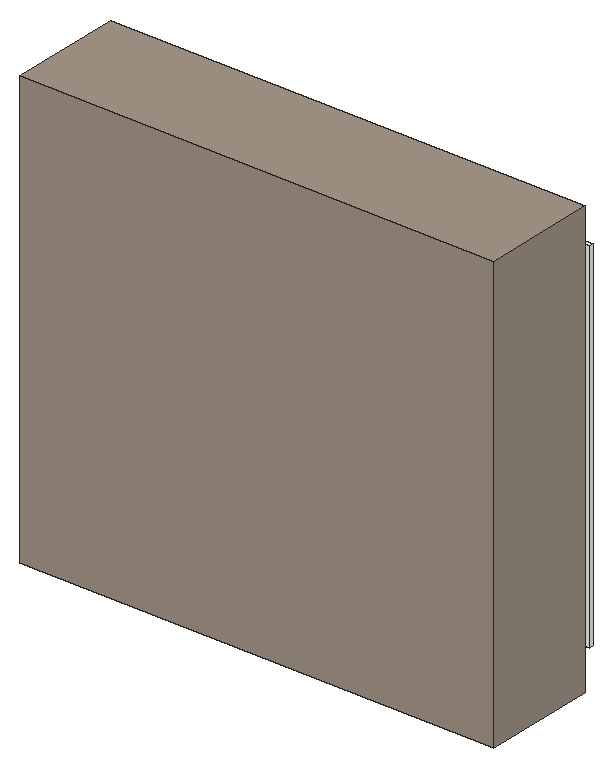
Revit family "Guarda roupas básico 1", category Generic Models, host Floor, Revit 2016
Family settings
  Host = Floor
  Part Type = Normal
  Can host rebar = No
  Round Connector Dimension = Use Diameter
  Work Plane-Based = No
  Always vertical = Yes
  Cut with Voids When Loaded = No
  Shared = No
  Room Calculation Point = No
Parameters (values of type "250 x 65x 230")
  URL = "http://maisrevit.blogspot.com.br"
  Roupas [instance] = Comprimento / 62.50 cm  # 4
  Profundidade [instance] = 65.00 cm
  Portas = MDF - Branco padrão
  Máscara 2D = yes
  Comprimento [instance] = 250.00 cm
  Armário = MDF - Madeirado 2
  Altura total = 230.00 cm
  Altura do topo = 20.00 cm
  Altura da base = 20.00 cm
Reference planes (cm)
  plane 1 "Centro (Frente/Trás)": y = 0
  plane 2: z = 0
  plane 3 "Centro (Esquerda/Direita)": x = 0
  plane 4: x = -125
  plane 5: x = 125
  plane 6: y = 32.5
  plane 7: y = -32.5
  plane 8: x = -41.6667
  plane 9: x = -36.6667
  plane 10: x = -46.6667
  plane 11: x = 41.6667
  plane 12: x = 46.6667
  plane 13: x = 36.6667
  plane 14: y = 27.5
  plane 15: z = 20
  plane 16: z = 210
  plane 17: z = 230
  plane 18: z = 120
Forms (cm)
  Extrusion 1, solid, material "MDF - Madeirado 2" <- "Armário"
    sketch origin (2352.6692, 918.5619, 5.2046) x (1, 0, 0) y (0, 1, 0)
      loop
        line (-2477.6692, -951.0619) -> (-2227.6692, -951.0619) -> (-2227.6692, -891.0619) -> (-2477.6692, -891.0619) -> (-2477.6692, -951.0619)
    from -5.2046 to 19.7954
  Extrusion 2, solid, material "MDF - Madeirado 2" <- "Armário"
    sketch origin (2384.5698, 911.4804, 5) x (1, 0, 0) y (0, 1, 0)
      loop
        line (-2509.5698, -883.9804) -> (-2509.5698, -943.9804) -> (-2259.5698, -943.9804) -> (-2259.5698, -883.9804) -> (-2261.5698, -883.9804) -> (-2261.5698, -941.9804) -> (-2507.5698, -941.9804) -> (-2507.5698, -883.9804) -> (-2509.5698, -883.9804)
    from 20 to 200
  Extrusion 3, solid, material "MDF - Branco padrão" <- "Portas"
    sketch origin (-743.4473, 2477.5876, 5) x (0, 1, 0) y (-1, 0, 0)
      loop
        line (-2447.0876, -618.4473) -> (-2447.0876, -706.7807) -> (-2445.0876, -706.7807) -> (-2445.0876, -618.4473) -> (-2447.0876, -618.4473)
    from 15 to 205
  Extrusion 4, solid, material "MDF - Branco padrão" <- "Portas"
    sketch origin (-674.5957, 2510.6692, 5) x (0, 1, 0) y (-1, 0, 0)
      loop
        line (-2483.1692, -627.9291) -> (-2483.1692, -721.2624) -> (-2481.1692, -721.2624) -> (-2481.1692, -627.9291) -> (-2483.1692, -627.9291)
    from 15 to 205
  Extrusion 5, solid, material "MDF - Branco padrão" <- "Portas"
    sketch origin (743.4473, 2477.5876, 5) x (0, 1, 0) y (-1, 0, 0)
      loop
        line (-2447.0876, 618.4473) -> (-2445.0876, 618.4473) -> (-2445.0876, 706.7807) -> (-2447.0876, 706.7807) -> (-2447.0876, 618.4473)
    from 15 to 205
  Extrusion 6, solid, material "MDF - Madeirado 2" <- "Armário"
    sketch origin (2352.6692, 918.5619, 290.1131) x (1, 0, 0) y (0, 1, 0)
      loop
        line (-2477.6692, -951.0619) -> (-2227.6692, -951.0619) -> (-2227.6692, -891.0619) -> (-2477.6692, -891.0619) -> (-2477.6692, -951.0619)
    from -85.1131 to -60.1131
Cuts and joins
  joined: Extrusion 1, Extrusion 2, Extrusion 6
Lines and regions (cm)
  Masking region 1, visible <- "Máscara 2D"
    outline origin (0, 0, 0) x (1, 0, 0) y (0, 1, 0)
      loop
        line (-125, 27.5) -> (-125, -32.5) -> (125, -32.5) -> (125, 27.5) -> (-125, 27.5)
  symbolic lines, style "GenericModel"
    curve 1: line (-125, -32.5, 0) -> (125, 27.5, 0)
Dimensions and locks (cm)
  equal spacing: plane 4, plane 3 "Centro (Esquerda/Direita)", plane 5
  "Comprimento": plane 4 to plane 5
  equal spacing: plane 7, plane 1 "Centro (Frente/Trás)", plane 6
  "Profundidade": plane 7 to plane 6
  locked: plane 4 to Extrusion 2 sketch curve at 2
  locked: Extrusion 2 sketch curve to plane 7 at 2
  locked: Extrusion 2 sketch curve to plane 5 at 2
  plane 10 to plane 8 to plane 9 = 5.00 cm locked, 5.00 cm locked
  plane 13 to plane 11 to plane 12 = 5.00 cm locked, 5.00 cm locked
  equal spacing: plane 4, plane 8, plane 11, plane 5
  locked: plane 14 to plane 6 at 5
  locked: Extrusion 3 sketch curve to plane 6 at 2
  locked: Extrusion 5 sketch curve to plane 6 at 2
  locked: Extrusion 4 sketch curve to plane 14 at 2
  "Altura da base": plane 15 to plane 2
  "Altura do topo": plane 17 to plane 16
  "Altura total": plane 17 to plane 2
  locked: Extrusion 1 to plane 15 at 5
  locked: plane 16 to Extrusion 6 at 5
  locked: plane 18 to level at 120
  aligned and locked: level to plane 2
  aligned and locked: Extrusion 2 sketch curve to plane 4
  aligned and locked: Extrusion 2 sketch curve to plane 7
  aligned and locked: plane 5 to Extrusion 2 sketch curve
  aligned and locked: plane 14 to Extrusion 2  (x2)
  aligned and locked: plane 6 to Extrusion 3 sketch curve
  aligned and locked: plane 4 to Extrusion 3 sketch curve
  aligned and locked: plane 9 to Extrusion 3 sketch curve
  aligned and locked: plane 5 to Extrusion 5 sketch curve
  aligned and locked: Extrusion 5 sketch curve to plane 6
  aligned and locked: plane 13 to Extrusion 5 sketch curve
  aligned and locked: Extrusion 4 sketch curve to plane 14
  aligned and locked: plane 12 to Extrusion 4 sketch curve
  aligned and locked: Extrusion 4 sketch curve to plane 10
  aligned and locked: Extrusion 1 sketch curve to plane 4
  aligned and locked: Extrusion 1 sketch curve to plane 7
  aligned and locked: Extrusion 1 sketch curve to plane 5
  aligned and locked: plane 14 to Extrusion 1 sketch curve
  aligned and locked: Extrusion 1 to level
  aligned and locked: Extrusion 3 to plane 15
  aligned and locked: Extrusion 4 to plane 15
  aligned and locked: Extrusion 5 to plane 15
  aligned and locked: plane 16 to Extrusion 3
  aligned and locked: plane 16 to Extrusion 4
  aligned and locked: plane 16 to Extrusion 5
  aligned and locked: plane 17 to Extrusion 6
  aligned and locked: Extrusion 2 to Extrusion 1
  aligned and locked: Extrusion 2 to Extrusion 6
  aligned and locked: plane 4 to Masking region 1 sketch curve
  aligned and locked: Masking region 1 sketch curve to plane 5
  aligned and locked: plane 7 to Masking region 1 sketch curve
  aligned and locked: Masking region 1 sketch curve to plane 14
  aligned and locked: plane 5 to curve 1
  aligned and locked: plane 4 to curve 1
  aligned and locked: plane 7 to curve 1
  aligned and locked: plane 14 to curve 1
Automatic sketch dimensions
  Extrusion 2 sketch curve to plane 14 = 0.00 cm  (x2)
  Extrusion 6 sketch curve to plane 4 = 0.00 cm
  Extrusion 6 sketch curve to plane 5 = 0.00 cm
  Extrusion 6 sketch curve to plane 7 = 0.00 cm
  Extrusion 6 sketch curve to plane 14 = 0.00 cm
